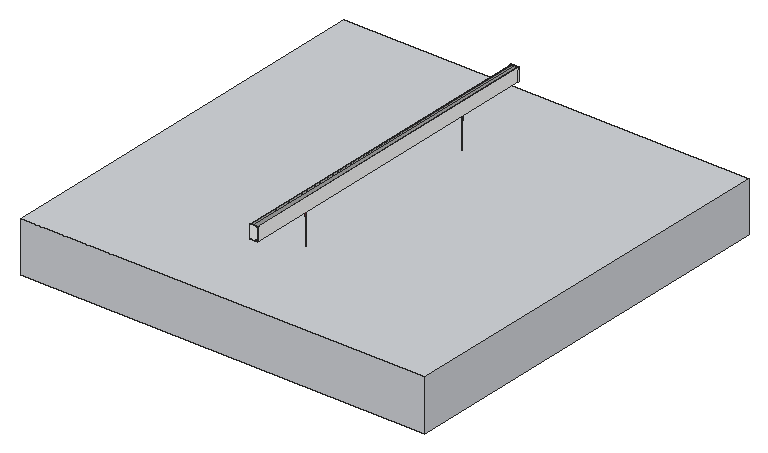
Revit family "LAMP_FIL 45 1960MM OPAL SUSPENDED", category Luminarias, Revit 2018
Family settings
  Anfitrión = Cara
  Cota de conector redondo = Diámetro de uso
  Tipo de pieza = Normal
  Corte con vacíos al cargar = No
  Origen de luz = Sí
  Compartido = No
  Punto de cálculo de habitación = No
Parameters (values of type "4550LM 3000K  BLACK")
  Ángulo de inclinación = -90.00°
  Weight = 4.20 kg
  Wattage = 27.8 W
  Type = "MID POWER TRIDONIC"
  built-in parameter 1150107 = 3000 (stored number, unit not read)
  Suspension distance [instance] = if(Suspension > 4000 mm, 4000 mm, if(Suspension < 1 mm, 1 mm, Suspension))  # 200 mm
  Suspension [instance] = 200 mm
  built-in parameter 1150110 = 1 (stored number, unit not read)
  built-in parameter 1150109 = 1 (stored number, unit not read)
  built-in parameter 1150112 = 1 (stored number, unit not read)
  built-in parameter 1150113 = 1 (stored number, unit not read)
  built-in parameter 1114218 = 1 (stored number, unit not read)
  Protection rating = "IP20 / IK07"
  Product datasheet = "http://www.lamp.es/product-files/TECH/F41SF196MOOP830NB-EN.pdf"
  Product code = "F41SF196MOOP830NB"
  Product URL = "https://www.lamp.es/en/family/fil-45_413951"
  Power Supply = "220-240V 50/60Hz"
  Power = 27 W
  Plum = 27.8 W
  Photobiological risk = ""
  NOT COVER 2 [instance] = not(END COVER 2)  # no
  NOT COVER 1 [instance] = not(END COVER 1)  # no
  built-in parameter 1150137 = (empty or 0)
  built-in parameter 1150132 = 2
  Modelo = Product code  # "F41SF196MOOP830NB"
  Model Explanation = ""
  Material suspension = LAMP_Acero genérico
  Material perfil = LAMP_Aluminio Perfil Fil NG
  Material difusor = LAMP_PC Difusor Opal Fil
  Manufacturer name = "LAMP"
  Manufacturer country = "Spain"
  Manufacturer URL = "http://www.lamp.es/en"
  MacAdam = "3"
  Longitud de línea de emisión = 1960 mm
  Last update = "17/03/2021"
  Lamp = "MID-POWER LED"
  LED Lifetime = "70.000 L80 B10"
  built-in parameter 1150105 = 1146.4 (stored number, unit not read)
  built-in parameter 1150102 = (empty or 0)
  Insulation class = "I"
  Installation instructions = "https://www.lamp.es/product-files/INS/1004580-C%20INSTR.%20FIL45.pdf"
  built-in parameter 1150106 = 11.464 (stored number, unit not read)
  IEE = "A+"
  Gear = "Electronic"
  Lumens = 3013.8 lm
  Finish = "Matte black RAL 9011"
  Color Filter = 16777215
  built-in parameter 1114217 = 1 (stored number, unit not read)
  built-in parameter 1150139 = (empty or 0)
  Fabricante = Manufacturer name  # "LAMP"
  Default Elevation = 1219.2 mm
  built-in parameter 1150104 = 10.072 (stored number, unit not read)
  Efficacy = 108.41 lm/W
  END COVER 2 [instance] = yes
  END COVER 1 [instance] = yes
  Dimensions = "1960x45x80"
  Descripción = "FIL45 SUR 1960 4550 WW OPAL BK."
  built-in parameter 1150115 = 1 (stored number, unit not read)
  built-in parameter 1150114 = 1 (stored number, unit not read)
  built-in parameter 1150138 = (empty or 0)
  built-in parameter 1150134 = 3
  Dimming Lamp Color Temperature Shift = (empty or 0)
  CRI = "80"
  Archivo de red fotométrica = "F41SF196MOOP830NB.IES"
  built-in parameter 1150133 = 10 (stored number, unit not read)
Types (24, lengths in mm): name | Weight | Wattage | built-in parameter 1150107 | Product datasheet | Product code | Power | Plum | Modelo | Material perfil | LED Lifetime | built-in parameter 1150105 | built-in parameter 1150106 | Lumens | Finish | built-in parameter 1150104 | Efficacy | Descripción | Archivo de red fotométrica
  4550LM 3000K DALI BLACK | 4.428 kg | 27.8 W | 3000 (stored number, unit not read) | "http://www.lamp.es/product-files/TECH/F41SF196MOOP830DB-EN.pdf" | "F41SF196MOOP830DB" | 27 W | 27.8 W | "F41SF196MOOP830DB" | LAMP_Aluminio Perfil Fil NG | "70.000 L80 B10" | 1146.4 (stored number, unit not read) | 11.464 (stored number, unit not read) | 3013.8 lm | "Matte black RAL 9011" | 10.072 (stored number, unit not read) | 108.41 lm/W | "FIL45 SUR 1960 4550 WW OPAL DALI BK." | "F41SF196MOOP830nB.IES"
  4550LM 3000K DALI GREY | 4.428 kg | 27.8 W | 3000 (stored number, unit not read) | "http://www.lamp.es/product-files/TECH/F41SF196MOOP830DG-EN.pdf" | "F41SF196MOOP830DG" | 27 W | 27.8 W | "F41SF196MOOP830DG" | LAMP_Aluminio Perfil Fil GR | "70.000 L80 B10" | 1146.4 (stored number, unit not read) | 11.464 (stored number, unit not read) | 3013.8 lm | "Gloss grey" | 10.072 (stored number, unit not read) | 108.41 lm/W | "FIL45 SUR 1960 4550 WW OPAL DALI GR." | "F41SF196MOOP830nG.IES"
  4550LM 3000K DALI WHITE | 4.428 kg | 27.8 W | 3000 (stored number, unit not read) | "http://www.lamp.es/product-files/TECH/F41SF196MOOP830DW-EN.pdf" | "F41SF196MOOP830DW" | 27 W | 27.8 W | "F41SF196MOOP830DW" | LAMP_Aluminio Perfil Fil BL | "70.000 L80 B10" | 1146.4 (stored number, unit not read) | 11.464 (stored number, unit not read) | 3013.8 lm | "Matte white RAL 9010" | 10.072 (stored number, unit not read) | 108.41 lm/W | "FIL45 SUR 1960 4550 WW OPAL DALI WH." | "F41SF196MOOP830nW.IES"
  4550LM 3000K  BLACK | 4.20 kg | 27.8 W | 3000 (stored number, unit not read) | "http://www.lamp.es/product-files/TECH/F41SF196MOOP830NB-EN.pdf" | "F41SF196MOOP830NB" | 27 W | 27.8 W | "F41SF196MOOP830NB" | LAMP_Aluminio Perfil Fil NG | "70.000 L80 B10" | 1146.4 (stored number, unit not read) | 11.464 (stored number, unit not read) | 3013.8 lm | "Matte black RAL 9011" | 10.072 (stored number, unit not read) | 108.41 lm/W | "FIL45 SUR 1960 4550 WW OPAL BK." | "F41SF196MOOP830NB.IES"
  4550LM 3000K  GREY | 4.20 kg | 27.8 W | 3000 (stored number, unit not read) | "http://www.lamp.es/product-files/TECH/F41SF196MOOP830NG-EN.pdf" | "F41SF196MOOP830NG" | 27 W | 27.8 W | "F41SF196MOOP830NG" | LAMP_Aluminio Perfil Fil GR | "70.000 L80 B10" | 1146.4 (stored number, unit not read) | 11.464 (stored number, unit not read) | 3013.8 lm | "Gloss grey" | 10.072 (stored number, unit not read) | 108.41 lm/W | "FIL45 SUR 1960 4550 WW OPAL GR." | "F41SF196MOOP830NG.IES"
  4550LM 3000K  WHITE | 4.20 kg | 27.8 W | 3000 (stored number, unit not read) | "http://www.lamp.es/product-files/TECH/F41SF196MOOP830NW-EN.pdf" | "F41SF196MOOP830NW" | 27 W | 27.8 W | "F41SF196MOOP830NW" | LAMP_Aluminio Perfil Fil BL | "70.000 L80 B10" | 1146.4 (stored number, unit not read) | 11.464 (stored number, unit not read) | 3013.8 lm | "Matte white RAL 9010" | 10.072 (stored number, unit not read) | 108.41 lm/W | "FIL45 SUR 1960 4550 WW OPAL WH." | "F41SF196MOOP830NW.IES"
  4550LM 4000K DALI BLACK | 4.428 kg | 27.8 W | 4000 (stored number, unit not read) | "http://www.lamp.es/product-files/TECH/F41SF196MOOP840DB-EN.pdf" | "F41SF196MOOP840DB" | 27 W | 27.8 W | "F41SF196MOOP840DB" | LAMP_Aluminio Perfil Fil NG | "70.000 L80 B10" | 1201.9 (stored number, unit not read) | 12.019 (stored number, unit not read) | 3159.47 lm | "Matte black RAL 9011" | 10.558 (stored number, unit not read) | 113.65 lm/W | "FIL45 SUR 1960 4550 NW OPAL DALI BK." | "F41SF196MOOP840nB.IES"
  4550LM 4000K DALI GREY | 4.428 kg | 27.8 W | 4000 (stored number, unit not read) | "http://www.lamp.es/product-files/TECH/F41SF196MOOP840DG-EN.pdf" | "F41SF196MOOP840DG" | 27 W | 27.8 W | "F41SF196MOOP840DG" | LAMP_Aluminio Perfil Fil GR | "70.000 L80 B10" | 1201.9 (stored number, unit not read) | 12.019 (stored number, unit not read) | 3159.47 lm | "Gloss grey" | 10.558 (stored number, unit not read) | 113.65 lm/W | "FIL45 SUR 1960 4550 NW OPAL DALI GR." | "F41SF196MOOP840nG.IES"
  4550LM 4000K DALI WHITE | 4.428 kg | 27.8 W | 4000 (stored number, unit not read) | "http://www.lamp.es/product-files/TECH/F41SF196MOOP840DW-EN.pdf" | "F41SF196MOOP840DW" | 27 W | 27.8 W | "F41SF196MOOP840DW" | LAMP_Aluminio Perfil Fil BL | "70.000 L80 B10" | 1201.9 (stored number, unit not read) | 12.019 (stored number, unit not read) | 3159.47 lm | "Matte white RAL 9010" | 10.558 (stored number, unit not read) | 113.65 lm/W | "FIL45 SUR 1960 4550 NW OPAL DALI WH." | "F41SF196MOOP840nW.IES"
  4550LM 4000K  BLACK | 4.20 kg | 27.8 W | 4000 (stored number, unit not read) | "http://www.lamp.es/product-files/TECH/F41SF196MOOP840NB-EN.pdf" | "F41SF196MOOP840NB" | 27 W | 27.8 W | "F41SF196MOOP840NB" | LAMP_Aluminio Perfil Fil NG | "70.000 L80 B10" | 1201.9 (stored number, unit not read) | 12.019 (stored number, unit not read) | 3159.47 lm | "Matte black RAL 9011" | 10.558 (stored number, unit not read) | 113.65 lm/W | "FIL45 SUR 1960 4550 NW OPAL BK." | "F41SF196MOOP840NB.IES"
  4550LM 4000K  GREY | 4.20 kg | 27.8 W | 4000 (stored number, unit not read) | "http://www.lamp.es/product-files/TECH/F41SF196MOOP840NG-EN.pdf" | "F41SF196MOOP840NG" | 27 W | 27.8 W | "F41SF196MOOP840NG" | LAMP_Aluminio Perfil Fil GR | "70.000 L80 B10" | 1201.9 (stored number, unit not read) | 12.019 (stored number, unit not read) | 3159.47 lm | "Gloss grey" | 10.558 (stored number, unit not read) | 113.65 lm/W | "FIL45 SUR 1960 4550 NW OPAL GR." | "F41SF196MOOP840NG.IES"
  4550LM 4000K  WHITE | 4.20 kg | 27.8 W | 4000 (stored number, unit not read) | "http://www.lamp.es/product-files/TECH/F41SF196MOOP840NW-EN.pdf" | "F41SF196MOOP840NW" | 27 W | 27.8 W | "F41SF196MOOP840NW" | LAMP_Aluminio Perfil Fil BL | "70.000 L80 B10" | 1201.9 (stored number, unit not read) | 12.019 (stored number, unit not read) | 3159.47 lm | "Matte white RAL 9010" | 10.558 (stored number, unit not read) | 113.65 lm/W | "FIL45 SUR 1960 4550 NW OPAL WH." | "F41SF196MOOP840NW.IES"
  10850LM 3000K DALI BLACK | 4.443 kg | 68.9 W | 3000 (stored number, unit not read) | "http://www.lamp.es/product-files/TECH/F41SF196HOOP830DB-EN.pdf" | "F41SF196HOOP830DB" | 63 W | 68.9 W | "F41SF196HOOP830DB" | LAMP_Aluminio Perfil Fil NG | "72.000 L80 B10" | 2457.3 (stored number, unit not read) | 24.573 (stored number, unit not read) | 6524.83 lm | "Matte black RAL 9011" | 8.7979 (stored number, unit not read) | 94.7 lm/W | "FIL45 SUR 1960 10850 WW OPAL DALI BK." | "F41SF196HOOP830nB.IES"
  10850LM 3000K DALI GREY | 4.443 kg | 68.9 W | 3000 (stored number, unit not read) | "http://www.lamp.es/product-files/TECH/F41SF196HOOP830DG-EN.pdf" | "F41SF196HOOP830DG" | 63 W | 68.9 W | "F41SF196HOOP830DG" | LAMP_Aluminio Perfil Fil GR | "72.000 L80 B10" | 2457.3 (stored number, unit not read) | 24.573 (stored number, unit not read) | 6524.83 lm | "Gloss grey" | 8.7979 (stored number, unit not read) | 94.7 lm/W | "FIL45 SUR 1960 10850 WW OPAL DALI GR." | "F41SF196HOOP830nG.IES"
  10850LM 3000K DALI WHITE | 4.443 kg | 68.9 W | 3000 (stored number, unit not read) | "http://www.lamp.es/product-files/TECH/F41SF196HOOP830DW-EN.pdf" | "F41SF196HOOP830DW" | 63 W | 68.9 W | "F41SF196HOOP830DW" | LAMP_Aluminio Perfil Fil BL | "72.000 L80 B10" | 2457.3 (stored number, unit not read) | 24.573 (stored number, unit not read) | 6524.83 lm | "Matte white RAL 9010" | 8.7979 (stored number, unit not read) | 94.7 lm/W | "FIL45 SUR 1960 10850 WW OPAL DALI WH." | "F41SF196HOOP830nW.IES"
  10850LM 3000K  BLACK | 4.25 kg | 68.9 W | 3000 (stored number, unit not read) | "http://www.lamp.es/product-files/TECH/F41SF196HOOP830NB-EN.pdf" | "F41SF196HOOP830NB" | 63 W | 68.9 W | "F41SF196HOOP830NB" | LAMP_Aluminio Perfil Fil NG | "72.000 L80 B10" | 2457.3 (stored number, unit not read) | 24.573 (stored number, unit not read) | 6524.83 lm | "Matte black RAL 9011" | 8.7979 (stored number, unit not read) | 94.7 lm/W | "FIL45 SUR 1960 10850 WW OPAL BK." | "F41SF196HOOP830NB.IES"
  10850LM 3000K  GREY | 4.25 kg | 68.9 W | 3000 (stored number, unit not read) | "http://www.lamp.es/product-files/TECH/F41SF196HOOP830NG-EN.pdf" | "F41SF196HOOP830NG" | 63 W | 68.9 W | "F41SF196HOOP830NG" | LAMP_Aluminio Perfil Fil GR | "72.000 L80 B10" | 2457.3 (stored number, unit not read) | 24.573 (stored number, unit not read) | 6524.83 lm | "Gloss grey" | 8.7979 (stored number, unit not read) | 94.7 lm/W | "FIL45 SUR 1960 10850 WW OPAL GR." | "F41SF196HOOP830NG.IES"
  10850LM 3000K  WHITE | 4.25 kg | 68.9 W | 3000 (stored number, unit not read) | "http://www.lamp.es/product-files/TECH/F41SF196HOOP830NW-EN.pdf" | "F41SF196HOOP830NW" | 63 W | 68.9 W | "F41SF196HOOP830NW" | LAMP_Aluminio Perfil Fil BL | "72.000 L80 B10" | 2527.4 (stored number, unit not read) | 25.274 (stored number, unit not read) | 6710.86 lm | "Matte white RAL 9010" | 9.0488 (stored number, unit not read) | 94.7 lm/W | "FIL45 SUR 1960 10850 WW OPAL WH." | "F41SF196HOOP830NW.IES"
  10850LM 4000K DALI BLACK | 4.443 kg | 68.9 W | 4000 (stored number, unit not read) | "http://www.lamp.es/product-files/TECH/F41SF196HOOP840DB-EN.pdf" | "F41SF196HOOP840DB" | 63 W | 68.9 W | "F41SF196HOOP840DB" | LAMP_Aluminio Perfil Fil NG | "72.000 L80 B10" | 2457.3 (stored number, unit not read) | 24.573 (stored number, unit not read) | 6524.83 lm | "Matte black RAL 9011" | 8.7979 (stored number, unit not read) | 94.7 lm/W | "FIL45 SUR 1960 10850 NW OPAL DALI BK." | "F41SF196HOOP840nB.IES"
  10850LM 4000K DALI GREY | 4.443 kg | 68.9 W | 4000 (stored number, unit not read) | "http://www.lamp.es/product-files/TECH/F41SF196HOOP840DG-EN.pdf" | "F41SF196HOOP840DG" | 63 W | 68.9 W | "F41SF196HOOP840DG" | LAMP_Aluminio Perfil Fil GR | "72.000 L80 B10" | 2457.3 (stored number, unit not read) | 24.573 (stored number, unit not read) | 6524.83 lm | "Gloss grey" | 8.7979 (stored number, unit not read) | 94.7 lm/W | "FIL45 SUR 1960 10850 NW OPAL DALI GR." | "F41SF196HOOP840nG.IES"
  10850LM 4000K DALI WHITE | 4.443 kg | 68.9 W | 4000 (stored number, unit not read) | "http://www.lamp.es/product-files/TECH/F41SF196HOOP840DW-EN.pdf" | "F41SF196HOOP840DW" | 63 W | 68.9 W | "F41SF196HOOP840DW" | LAMP_Aluminio Perfil Fil BL | "72.000 L80 B10" | 2457.3 (stored number, unit not read) | 24.573 (stored number, unit not read) | 6524.83 lm | "Matte white RAL 9010" | 8.7979 (stored number, unit not read) | 94.7 lm/W | "FIL45 SUR 1960 10850 NW OPAL DALI WH." | "F41SF196HOOP840nW.IES"
  10850LM 4000K  BLACK | 4.25 kg | 68.9 W | 4000 (stored number, unit not read) | "http://www.lamp.es/product-files/TECH/F41SF196HOOP840NB-EN.pdf" | "F41SF196HOOP840NB" | 63 W | 68.9 W | "F41SF196HOOP840NB" | LAMP_Aluminio Perfil Fil NG | "72.000 L80 B10" | 2457.3 (stored number, unit not read) | 24.573 (stored number, unit not read) | 6524.83 lm | "Matte black RAL 9011" | 8.7979 (stored number, unit not read) | 94.7 lm/W | "FIL45 SUR 1960 10850 NW OPAL BK." | "F41SF196HOOP840NB.IES"
  10850LM 4000K  GREY | 4.25 kg | 68.9 W | 4000 (stored number, unit not read) | "http://www.lamp.es/product-files/TECH/F41SF196HOOP840NG-EN.pdf" | "F41SF196HOOP840NG" | 63 W | 68.9 W | "F41SF196HOOP840NG" | LAMP_Aluminio Perfil Fil GR | "72.000 L80 B10" | 2457.3 (stored number, unit not read) | 24.573 (stored number, unit not read) | 6524.83 lm | "Gloss grey" | 8.7979 (stored number, unit not read) | 94.7 lm/W | "FIL45 SUR 1960 10850 NW OPAL GR." | "F41SF196HOOP840NG.IES"
  10850LM 4000K  WHITE | 4.25 kg | 68.9 W | 4000 (stored number, unit not read) | "http://www.lamp.es/product-files/TECH/F41SF196HOOP840NW-EN.pdf" | "F41SF196HOOP840NW" | 63 W | 68.9 W | "F41SF196HOOP840NW" | LAMP_Aluminio Perfil Fil BL | "72.000 L80 B10" | 2457.3 (stored number, unit not read) | 24.573 (stored number, unit not read) | 6524.83 lm | "Matte white RAL 9010" | 8.7979 (stored number, unit not read) | 94.7 lm/W | "FIL45 SUR 1960 10850 NW OPAL WH." | "F41SF196HOOP840NW.IES"
Reference planes
  plane 1 "Centro (Frontal/Posterior)": y = 0
  plane 2: z = 0
  plane 3 "Centro (Izquierda/Derecha)": x = 0
Forms (mm)
  Extrusion 1, solid
    sketch origin (0, 0, 0) x (1, 0, 0) y (0, 1, 0)
      loop
        line (-1219.2, 1219.2) -> (-1219.2, -1219.2) -> (1219.2, -1219.2) -> (1219.2, 1219.2) -> (-1219.2, 1219.2)
    from 0 to -304.8
  Extrusion 2, solid, material "LAMP_Aluminio Perfil Fil NG" <- "Material perfil"
    sketch origin (0, 0, 0) x (1, 0, 0) y (0, 0, 1)
      loop
        arc (22.5, 285.7) -> (21.5, 286.7) -> (20.5, 285.7) r 1
        line (20.5, 285.7) -> (20.5, 284.2) -> (17.8, 284.2) -> (17.8, 259) -> (0, 259) -> (-17.8, 259) -> (-17.8, 284.2) -> (-20.5, 284.2) -> (-20.5, 285.7)
        arc (-20.5, 285.7) -> (-21.5, 286.7) -> (-22.5, 285.7) r 1
        line (-22.5, 285.7) -> (-22.5, 206.5) -> (-20.7, 206.5) -> (-20.7, 210) -> (-12.5, 210) -> (-12.5, 208) -> (-14.8, 208) -> (-14.5, 206.5) -> (-11, 206.5) -> (-11, 214.5) -> (0, 214.5) -> (11, 214.5) -> (11, 206.5) -> (14.5, 206.5) -> (14.8, 208) -> (12.5, 208) -> (12.5, 210) -> (20.7, 210) -> (20.7, 206.5) -> (22.5, 206.5) -> (22.5, 285.7)
    from -980 to 980
  Extrusion 3, solid, material "LAMP_Acero genérico" <- "Material suspension"
    sketch origin (0, 0, 0) x (1, 0, 0) y (0, 0, 1)
      loop
        line (-12.5, 201) -> (-15.291, 208.272) -> (-12.823, 210) -> (-13.823, 210) -> (-16.291, 208.272) -> (-13.116, 200) -> (0, 200) -> (13.116, 200) -> (16.291, 208.272) -> (13.823, 210) -> (12.823, 210) -> (15.291, 208.272) -> (12.5, 201) -> (0, 201) -> (-12.5, 201)
    from -600 to -578
  Extrusion 4, solid, material "LAMP_Acero genérico" <- "Material suspension"
    sketch origin (0, -224, 0) x (1, 0, 0) y (0, 1, 0)
      loop
        circle (0, -365) r 5
    from 163.2 to 200
  Extrusion 5, solid, material "LAMP_Acero genérico" <- "Material suspension"
    sketch origin (0, 224, 0) x (1, 0, 0) y (0, 1, 0)
      loop
        circle (0, 365) r 5
    from 163.2 to 200
  Extrusion 6, solid, material "LAMP_Acero genérico" <- "Material suspension"
    sketch origin (0, -200, 0) x (1, 0, 0) y (0, 1, 0)
      loop
        circle (0, -389) r 1
    from 0 to 163.2
  Extrusion 7, solid, material "LAMP_Acero genérico" <- "Material suspension"
    sketch origin (0, 200, 0) x (1, 0, 0) y (0, 1, 0)
      loop
        circle (0, 389) r 1
    from 0 to 163.2
  Extrusion 8, solid, material "LAMP_PC Difusor Opal Fil" <- "Material difusor"
    sketch origin (0, 0, 0) x (1, 0, 0) y (0, 0, 1)
      loop
        line (-20.5, 284.2) -> (0, 284.2) -> (20.5, 284.2) -> (20.5, 286.7) -> (0, 286.7) -> (-20.5, 286.7) -> (-20.5, 284.2)
    from -980 to 980
  Extrusion 9, solid, material "LAMP_Acero genérico" <- "Material suspension"
    sketch origin (0, -200, 0) x (1, 0, 0) y (0, 0, -1)
      loop
        line (-12.5, -201) -> (0, -201) -> (12.5, -201) -> (15.291, -208.272) -> (12.823, -210) -> (13.823, -210) -> (16.291, -208.272) -> (13.116, -200) -> (0, -200) -> (-13.116, -200) -> (-16.291, -208.272) -> (-13.823, -210) -> (-12.823, -210) -> (-15.291, -208.272) -> (-12.5, -201)
    from -400 to -378
  Extrusion 10, solid, material "LAMP_PC Difusor Opal Fil" <- "Material difusor"
    sketch origin (0, 0, 0) x (1, 0, 0) y (0, 0, 1)
      loop
        line (-11, 214.5) -> (-11, 206.5) -> (-7.529, 206.5) -> (11, 206.5) -> (11, 214.5) -> (10, 214.5) -> (10, 207.5) -> (-10, 207.5) -> (-10, 214.5) -> (-11, 214.5)
    from -980 to 980
Lines and regions (mm)
  reference lines
    curve 1: line (0, -445.47, 200) -> (0, 544.53, 200)
Text (mm)
  text "Any modification of the parameters and properties of the LAMP BIM models must be executed and validated by the LAMP technical department.\nPhone: +34 93 736 68 00\nE-mail: lamp@lamp.es\n\nLAMP reserves the right to modify the technical specifications of its products." at (3253.583, 5266.066, -2780.51), in view "Preview"
Dimensions and locks
  "Suspension distance": level to curve 1
  locked: Extrusion 4 to Extrusion 4 at 36.8
  locked: Extrusion 5 to Extrusion 5 at 36.8
  aligned and locked: plane 2 to Extrusion 1
  aligned and locked: level to Extrusion 1
  aligned and locked: Extrusion 8 to Extrusion 2  (x2)
  aligned and locked: Extrusion 9 to curve 1
  aligned and locked: curve 1 to Extrusion 3
  aligned and locked: curve 1 to Extrusion 4
  aligned and locked: Extrusion 5 to curve 1
  aligned and locked: Extrusion 6 to Extrusion 4
  aligned and locked: Extrusion 7 to Extrusion 5
  aligned and locked: Extrusion 2 to Extrusion 9  (x2)
  aligned and locked: Extrusion 10 to Extrusion 2
  aligned and locked: nested 1 to Extrusion 2  (x2)
  aligned and locked: nested 2 to Extrusion 2
  aligned and locked: Extrusion 8 to imposter light
Automatic sketch dimensions
  Extrusion 1 sketch curve to Extrusion 1 sketch curve = 2438.4 mm  (x2)
  Extrusion 3 sketch curve to plane 3 "Centro (Izquierda/Derecha)" = 0 mm  (x2)
  Extrusion 3 sketch curve to Extrusion 3 sketch curve = 12.5 mm
  Extrusion 3 sketch curve to Extrusion 3 sketch curve = 0.323 mm  (x2)
  Extrusion 3 sketch curve to Extrusion 3 sketch curve = 0.616 mm  (x2)
  Extrusion 3 sketch curve to Extrusion 3 sketch curve = 1 mm  (x5)
  Extrusion 3 sketch curve to Extrusion 3 sketch curve = 1.468 mm  (x2)
  plane 3 "Centro (Izquierda/Derecha)" to Extrusion 3 sketch curve = 12.5 mm
  level to Extrusion 3 sketch curve = 200 mm
  Extrusion 3 sketch curve to Extrusion 3 sketch curve = 7.272 mm  (x2)
  Extrusion 3 sketch curve to Extrusion 3 sketch curve = 0 mm  (x2)
  Extrusion 3 sketch curve to Extrusion 3 sketch curve = 1.728 mm  (x2)
  Extrusion 4 sketch curve to plane 3 "Centro (Izquierda/Derecha)" = 0 mm
  plane 1 "Centro (Frontal/Posterior)" to Extrusion 4 sketch curve = 589 mm
  Extrusion 5 sketch curve to plane 3 "Centro (Izquierda/Derecha)" = 0 mm
  plane 1 "Centro (Frontal/Posterior)" to Extrusion 5 sketch curve = 589 mm
  Extrusion 6 sketch curve to plane 3 "Centro (Izquierda/Derecha)" = 0 mm
  plane 1 "Centro (Frontal/Posterior)" to Extrusion 6 sketch curve = 589 mm
  Extrusion 7 sketch curve to plane 3 "Centro (Izquierda/Derecha)" = 0 mm
  plane 1 "Centro (Frontal/Posterior)" to Extrusion 7 sketch curve = 589 mm
  Extrusion 2 sketch curve to plane 3 "Centro (Izquierda/Derecha)" = 0 mm  (x2)
  Extrusion 2 sketch curve to plane 3 "Centro (Izquierda/Derecha)" = 11 mm
  Extrusion 2 sketch curve to Extrusion 2 sketch curve = 1.5 mm  (x6)
  Extrusion 2 sketch curve to Extrusion 2 sketch curve = 2 mm  (x2)
  Extrusion 2 sketch curve to Extrusion 2 sketch curve = 0.3 mm  (x2)
  Extrusion 2 sketch curve to Extrusion 2 sketch curve = 17.8 mm
  Extrusion 2 sketch curve to Extrusion 2 sketch curve = 2.7 mm  (x2)
  Extrusion 2 sketch curve to Extrusion 2 sketch curve = 5.9 mm  (x2)
  Extrusion 2 sketch curve to Extrusion 2 sketch curve = 1 mm  (x2)
  plane 3 "Centro (Izquierda/Derecha)" to Extrusion 2 sketch curve = 11 mm
  plane 3 "Centro (Izquierda/Derecha)" to Extrusion 2 sketch curve = 17.8 mm
  level to Extrusion 2 sketch curve = 206.5 mm
  Extrusion 2 sketch curve to Extrusion 2 sketch curve = 0 mm  (x3)
  Extrusion 2 sketch curve to Extrusion 2 sketch curve = 3.5 mm  (x2)
  Extrusion 2 sketch curve to Extrusion 2 sketch curve = 4.5 mm
  Extrusion 2 sketch curve to Extrusion 2 sketch curve = 44.5 mm
  Extrusion 2 sketch curve to Extrusion 2 sketch curve = 25.2 mm  (x2)
  Extrusion 8 sketch curve to plane 3 "Centro (Izquierda/Derecha)" = 0 mm  (x2)
  Extrusion 8 sketch curve to Extrusion 8 sketch curve = 20.5 mm
  plane 3 "Centro (Izquierda/Derecha)" to Extrusion 8 sketch curve = 20.5 mm
  level to Extrusion 8 sketch curve = 284.2 mm
  Extrusion 8 sketch curve to Extrusion 8 sketch curve = 2.5 mm
  Extrusion 9 sketch curve to plane 3 "Centro (Izquierda/Derecha)" = 0 mm  (x2)
  Extrusion 9 sketch curve to Extrusion 9 sketch curve = 12.5 mm
  Extrusion 9 sketch curve to Extrusion 9 sketch curve = 0.323 mm  (x2)
  Extrusion 9 sketch curve to Extrusion 9 sketch curve = 0.616 mm  (x2)
  Extrusion 9 sketch curve to Extrusion 9 sketch curve = 1 mm  (x5)
  Extrusion 9 sketch curve to Extrusion 9 sketch curve = 1.468 mm  (x2)
  plane 3 "Centro (Izquierda/Derecha)" to Extrusion 9 sketch curve = 12.5 mm
  level to Extrusion 9 sketch curve = 210 mm
  Extrusion 9 sketch curve to Extrusion 9 sketch curve = 0 mm  (x3)
  Extrusion 9 sketch curve to Extrusion 9 sketch curve = 1.728 mm  (x2)
  Extrusion 9 sketch curve to Extrusion 9 sketch curve = 7.272 mm
  Extrusion 10 sketch curve to plane 3 "Centro (Izquierda/Derecha)" = 11 mm
  Extrusion 10 sketch curve to Extrusion 10 sketch curve = 1 mm  (x3)
  Extrusion 10 sketch curve to Extrusion 10 sketch curve = 2.471 mm
  plane 3 "Centro (Izquierda/Derecha)" to Extrusion 10 sketch curve = 10 mm
  level to Extrusion 10 sketch curve = 206.5 mm
  Extrusion 10 sketch curve to Extrusion 10 sketch curve = 7 mm  (x2)
  plane 1 "Centro (Frontal/Posterior)" to curve 1 = 445.47 mm
  curve 1 to plane 1 "Centro (Frontal/Posterior)" = 544.53 mm
  radius of Extrusion 4 sketch curve = 5 mm
  radius of Extrusion 5 sketch curve = 5 mm
  radius of Extrusion 6 sketch curve = 1 mm
  radius of Extrusion 7 sketch curve = 1 mm
Nested families
  nested 1: "LAMP_FIL 45 END COVER SURFACE" at (0, -981, 206.5), visible <- "END COVER 1", type "LAMP_FIL 45 END COVER SURFACE"
  nested 2: "LAMP_FIL 45 END COVER SURFACE" at (0, 981, 206.5), visible <- "END COVER 2", type "LAMP_FIL 45 END COVER SURFACE"
Connectors
  electrical at (0, 589, 200)
    settings: on Extrusion 5, index 1, voltage 230 V, apparent load 0 VA, apparent load phase1 0 VA, apparent load phase2 0 VA, apparent load phase3 0 VA, power factor 1, load classification "Otro", number of poles 1, system type 31, power factor state 1, is connector primary yes, connector utility no, sub classification motor no, connector description ""
Definition of nested family "LAMP_FIL 45 END COVER SURFACE"
  Parameters (values of type "Blanco")
    Material tapa = none
  Reference planes
    plane 1 "Centro (Frontal/Posterior)": y = 0
    plane 2: z = 0
    plane 3 "Centro (Izquierda/Derecha)": x = 0
  Forms (mm)
    Extrusion 1, solid, material <- "Material tapa"
      sketch origin (0, 0, 0) x (0, -1, 0) y (0, 0, 1)
        loop
          line (0, 0) -> (1, 0) -> (1, 80) -> (-1, 80) -> (-1, 0) -> (0, 0)
      from -22.5 to 22.5
  Dimensions and locks
    aligned and locked: level to plane 2
